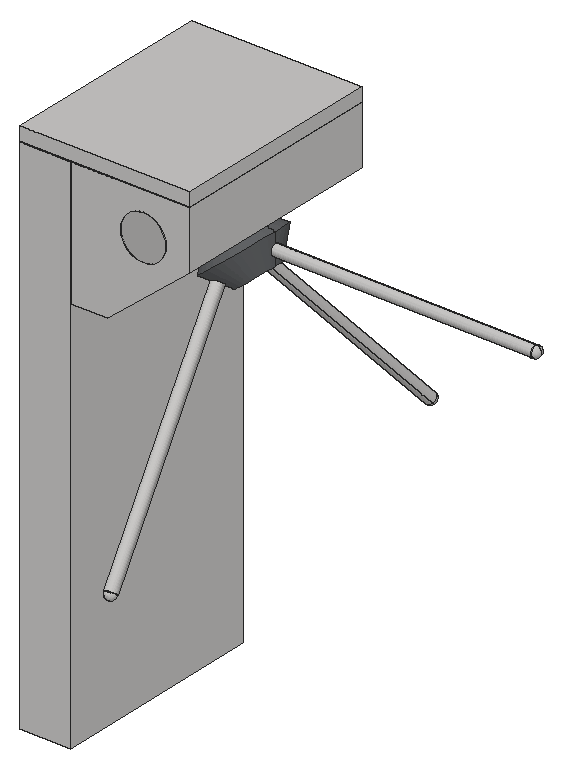
Revit family "CAME_Турникет_Трипод_STILE_110", category Специальное оборудование, Revit 2019
Family settings
  Размер круглого соединителя = Использовать диаметр
  Тип детали = Нормальный
  На основе рабочей плоскости = Нет
  Всегда вертикально = Да
  При загрузке вырезать с полостями = Нет
  Общий = Нет
  Точка расчета площади = Нет
Parameters
  Описание = "Турникет-трипод электромеханический. Корпус и преграды из нержавеющей стали AISI 304. Оснащен платой управления и светодиодными указателями прохода. Стандартные преграждающие планки с гидравлической доводкой и автоматической разблокировкой при отключении электроэнергии. Встроенный блок питания."
  Минимальная ширина проема = 790 mm  # constant formula
  Изготовитель = "CAME"  # constant formula
  Группа модели = "Турникеты"
  Watermark [instance] = "Модели защищены уникальным кодом"
  URL = "https://camerussia.com"
  CAME_Тип механизма турникета = "электромеханический"  # constant formula
  CAME_Напряжение электропитания двигателя (В) = 24 V  # constant formula
  CAME_Максимальное количество проходов в минуту = "48"  # constant formula
  CAME_Класс защиты (IP) = "54"  # constant formula
  CAME_Интенсивность использования (%) = "ИНТЕНСИВНОЕ"  # constant formula
  CAME_Диапазон рабочих температур (°C) = "-20 ÷ +68"  # constant formula
  BL_Разработано = "support@bimlib.pro"  # constant formula
  BL_Email = "cru.info@came.com"  # constant formula
  BL_BIM library = "https://bimlib.pro/manufacturer/came/cf0b6efe-31e5-4ffa-b7ea-1d6fa84041d4/?tab=products"
  ADSK_Размер_Ширина = 770 mm  # constant formula
  ADSK_Размер_Глубина = 380 mm  # constant formula
  ADSK_Размер_Высота = 955 mm  # constant formula
  ADSK_Полная мощность = ADSK_Номинальная мощность / ADSK_Коэффициент мощности  # 12.5 VA
  ADSK_Обозначение = "ТУ 26.30.50-001-89603926-2021"  # constant formula
  ADSK_Номинальная мощность = 12 W  # constant formula
  ADSK_Напряжение = 230 V  # constant formula
  ADSK_Наименование краткое = "Турникет-трипод STILE 110"  # constant formula
  ADSK_Наименование = "Турникет-трипод электромеханический STILE 110"  # constant formula
  ADSK_Масса_Текст = "33 кг"  # constant formula
  ADSK_Масса = 33  # constant formula
  ADSK_Марка = "АРТ:001PSMM110E-01"  # constant formula
  ADSK_Коэффициент мощности = 0.96
  ADSK_Количество фаз = 1  # constant formula
  ADSK_Количество = 1  # constant formula
  ADSK_Код изделия = "Код КСР 26.30.50.119.61.2.07.09"  # constant formula
  ADSK_Классификация нагрузок = Прочее
  ADSK_Завод-изготовитель = "CAME"  # constant formula
  ADSK_Единица измерения = "шт."  # constant formula
  ADSK_Группирование = "STILE"  # constant formula
  ADSK_Версия семейства = "1.0"  # constant formula
  ADSK_Версия Revit = "2019"  # constant formula
  ADSK_URL страницы изделия = "https://camerussia.com/product/001psmm110e-01/"
  ADSK_URL документации изделия = "https://camerussia.com/uploads/support/instructions/files/Инструкция%20STILE-TWISTER-SALOON.pdf"
Reference planes
  plane 1 "По центру (Вперед/Назад)": y = 0
  plane 2: z = 0
  plane 3 "По центру (Влево/Вправо)": x = 0
  plane 4: y = 190
  plane 5: y = -190
  plane 6: z = 955
  plane 7: x = 770
  plane 8: z = 705
  plane 9: x = 300
  plane 10: x = 790
  plane 11: z = 930
  plane 12: x = 155
  plane 13: x = 90
Forms (mm)
  Extrusion 1, solid, material "CAME_Сталь_Нержавеющая_AISI 304", detail levels fine
    sketch origin (0, 0, 0) x (1, 0, 0) y (0, 0, 1)
      loop
        line (90, 705) -> (155, 705) -> (300, 826.669) -> (300, 930) -> (90, 930) -> (90, 705)
    from -190 to 190
  Extrusion 2, solid, material "CAME_Сталь_Нержавеющая_AISI 304", detail levels fine
    sketch origin (-126.098, -1524, 930) x (-1, 0, 0) y (0, -1, 0)
      loop
        line (-126.098, -1714) -> (-126.098, -1334) -> (-426.098, -1334) -> (-426.098, -1714) -> (-126.098, -1714)
    from 1 to 25
  Extrusion 3, solid, material "CAME_Стекло_Закаленное_Черное", detail levels fine
    sketch origin (866.16, -190, 1200) x (1, 0, 0) y (0, 0, 1)
      loop
        circle (-646.16, -345) r 40
    from 0 to 2
  Extrusion 4, solid, material "CAME_Стекло_Закаленное_Черное", detail levels fine
    sketch origin (-872.529, 190, 1200) x (-1, 0, 0) y (0, 0, 1)
      loop
        circle (-1092.529, -345) r 40
    from 0 to 2
  Extrusion 5, solid, material "CAME_Сталь_Нержавеющая_AISI 304", detail levels medium
    sketch origin (0, 0, 0) x (1, 0, 0) y (0, 0, 1)
      loop
        line (90, 705) -> (155, 705) -> (300, 826.669) -> (300, 955) -> (0, 955) -> (0, 0) -> (90, 0) -> (90, 705)
    from -190 to 190
  Extrusion 6, solid, material "CAME_Сталь_Нержавеющая_AISI 304", detail levels fine
    sketch origin (0, 0, 0) x (1, 0, 0) y (0, 1, 0)
      loop
        line (0, 190) -> (0, -190) -> (90, -190) -> (90, 190) -> (0, 190)
    from 0 to 930
Lines and regions (mm)
  model lines, style "CAME", detail levels coarse
    curve 1: line (0, 190, 0) -> (300, 190, 0)
    curve 2: line (0, -190, 0) -> (0, 190, 0)
    curve 3: line (300, -190, 0) -> (0, -190, 0)
    curve 4: line (300, 190, 0) -> (300, -190, 0)
    curve 5: line (300, 0, 0) -> (770, 0, 0)
    curve 6: line (300, 0, 0) -> (360.777, 344.683, 0)
    curve 7: line (300, 0, 0) -> (360.777, -344.683, 0)
    curve 8: line (90, 190, 0) -> (90, -190, 0)
Dimensions and locks
  equal spacing: plane 5, plane 1 "По центру (Вперед/Назад)", plane 4
  "ADSK_Размер_Глубина": plane 5 to plane 4
  "ADSK_Размер_Высота": plane 6 to plane 2
  locked: plane 6 to plane 8 at 250
  "ADSK_Размер_Ширина": plane 3 "По центру (Влево/Вправо)" to plane 7
  "Минимальная ширина проема": plane 3 "По центру (Влево/Вправо)" to plane 10
  locked: plane 3 "По центру (Влево/Вправо)" to plane 9 at 300
  locked: plane 6 to plane 11 at 25
  locked: plane 12 to plane 9 at 145
  locked: plane 6 to Extrusion 3 sketch curve at 100
  locked: plane 9 to Extrusion 3 sketch curve at 80
  locked: plane 13 to plane 3 "По центру (Влево/Вправо)" at 90
  locked: plane 8 to Extrusion 1 sketch curve (angle 40.00°)
  aligned and locked: level to plane 2
  aligned and locked: plane 9 to Extrusion 1 sketch curve
  aligned and locked: Extrusion 1 sketch curve to plane 8
  aligned and locked: plane 12 to Extrusion 1 sketch curve
  aligned and locked: plane 11 to Extrusion 1 sketch curve
  aligned and locked: plane 4 to Extrusion 1
  aligned and locked: plane 5 to Extrusion 1
  aligned and locked: Extrusion 2 sketch curve to Extrusion 1  (x3)
  aligned and locked: plane 6 to Extrusion 2
  aligned and locked: Extrusion 4 sketch curve to Extrusion 3  (x2)
  aligned and locked: Extrusion 1 to Extrusion 5 sketch curve
  aligned and locked: Extrusion 5 sketch curve to Extrusion 1  (x2)
  aligned and locked: plane 4 to Extrusion 5
  aligned and locked: plane 5 to Extrusion 5
  aligned and locked: nested 1 to plane 1 "По центру (Вперед/Назад)"
  aligned and locked: plane 13 to Extrusion 6 sketch curve
  aligned and locked: Extrusion 6 sketch curve to plane 4
  aligned and locked: plane 3 "По центру (Влево/Вправо)" to Extrusion 6 sketch curve
  aligned and locked: Extrusion 6 sketch curve to plane 5
  aligned and locked: plane 11 to Extrusion 6
  aligned and locked: Extrusion 6 to level
  aligned and locked: plane 13 to Extrusion 1 sketch curve
  aligned and locked: plane 6 to Extrusion 5 sketch curve
  aligned and locked: plane 3 "По центру (Влево/Вправо)" to Extrusion 5 sketch curve
  aligned and locked: plane 2 to Extrusion 5 sketch curve
  aligned and locked: plane 13 to Extrusion 5 sketch curve
  aligned and locked: Extrusion 2 to plane 3 "По центру (Влево/Вправо)"
Automatic sketch dimensions
  plane 13 to Extrusion 2 sketch curve = 90 mm
  curve 8 to plane 4 = 0 mm
  curve 2 to plane 3 "По центру (Влево/Вправо)" = 0 mm
  curve 3 to plane 9 = 0 mm
  plane 1 "По центру (Вперед/Назад)" to curve 5 = 0 mm
  curve 5 to plane 7 = 0 mm
  plane 1 "По центру (Вперед/Назад)" to curve 6 = 0 mm
  plane 9 to curve 6 = 60.777 mm
  plane 4 to curve 6 = 154.683 mm
  plane 1 "По центру (Вперед/Назад)" to curve 7 = 0 mm
  plane 9 to curve 7 = 60.777 mm
  plane 5 to curve 7 = 154.683 mm
  curve 8 to plane 13 = 0 mm
  plane 5 to curve 8 = 0 mm
  radius of Extrusion 3 sketch curve = 40 mm
Nested families
  nested 1: "CAME_Трипод" at (235.013, 0, 772.139) x (0.766, 0, 0.6428) z (0.6428, 0, -0.766), type "CAME_Трипод"
Connectors
  electrical at (45, 0, 0), driven by "ADSK_Количество фаз", driven by "ADSK_Напряжение", driven by "ADSK_Полная мощность", driven by "ADSK_Коэффициент мощности"
    settings: on Extrusion 5, index 1, voltage 230 V, apparent load 0 VA, apparent load phase1 12.5 VA, apparent load phase2 0 VA, apparent load phase3 0 VA, power factor 0.96, load classification "Прочее", number of poles 1, system type 31, power factor state 1, is connector primary yes, connector utility no, sub classification motor no, connector description ""
Definition of nested family "CAME_Трипод"
  Parameters (values of type "CAME_Трипод")
    Default Elevation = 1219.2 mm
    Материал крепления = none
    ADSK_Материал = none
  Reference planes
    plane 1 "По центру (Вперед/Назад)": y = 0
    plane 2: z = 0
    plane 3 "По центру (Влево/Вправо)": x = 0
    plane 4: z = 35
    plane 5 "A": through (0, 0, 1200) normal (-0.866, -0.5, 0)
    plane 6 "B": through (0, 0, 1200) normal (0.866, -0.5, 0)
  Forms (mm)
    Revolve 1, solid, material <- "ADSK_Материал", detail levels medium+fine
      sketch origin (0, 0, 0) x (1, 0, 0) y (0, 0, 1)
        loop
          line (62.5, 0) -> (73.667, 13.309) -> (38.314, 55.441) -> (0, 55.441) -> (0, 0) -> (62.5, 0)
        axis (0, 0) -> (0, 55.441)
      angle from 0 to 360
    Revolve 2, solid, material <- "ADSK_Материал", detail levels medium+fine
      sketch origin (0, 0, 0) x (1, 0, 0) y (0, 0, 1)
        loop
          line (47.835, 28.597) -> (54.238, 20.965) -> (414.279, 323.075) -> (407.876, 330.707) -> (47.835, 28.597)
        axis (47.835, 28.597) -> (407.876, 330.707)
      angle from 0 to 360
    Revolve 3, solid, material <- "ADSK_Материал", detail levels medium+fine
      sketch origin (0, 0, 1200) x (0.5, -0.866025, 0) y (0, 0, 1)
        loop
          line (-47.84, -1171.428) -> (-407.21, -869.88) -> (-414.308, -876.978) -> (-54.267, -1179.088) -> (-47.84, -1171.428)
        axis (-47.84, -1171.428) -> (-407.88, -869.318)
      angle from 0 to 360
    Revolve 4, solid, material <- "ADSK_Материал", detail levels medium+fine
      sketch origin (0, 0, 1200) x (0.5, 0.866025, 0) y (0, 0, 1)
        loop
          line (-40.179, -1177.856) -> (-407.21, -869.88) -> (-414.308, -876.978) -> (-46.607, -1185.516) -> (-40.179, -1177.856)
        axis (-40.179, -1177.856) -> (-407.88, -869.318)
      angle from 0 to 360
    Revolve 5, solid, material <- "ADSK_Материал", detail levels fine
      sketch origin (-27.75, -48.064, 35) x (-0.383022, -0.663414, 0.642788) y (-0.321394, -0.55667, -0.766044)
        loop
          line (460, 0) -> (470, 0)
          arc (470, 0) -> (467.071, 7.071) -> (460, 10) r 10
          line (460, 10) -> (460, 0)
        axis (460, 0) -> (470, 0)
      angle from 0 to 360
    Revolve 6, solid, material <- "ADSK_Материал", detail levels fine
      sketch origin (55.466, 0, 35) x (0.766044, 0, 0.642788) y (-0.642788, 0, 0.766044)
        loop
          arc (460.038, -9.962) -> (467.082, -7.044) -> (470, 0) r 9.962
          line (470, 0) -> (460.038, 0) -> (460.038, -9.962)
        axis (460.038, 0) -> (470, 0)
      angle from 0 to 360
    Revolve 7, solid, material <- "ADSK_Материал", detail levels fine
      sketch origin (-27.75, 48.064, 35) x (-0.383022, 0.663414, 0.642788) y (-0.321394, 0.55667, -0.766044)
        loop
          line (460, 0) -> (470, 0)
          arc (470, 0) -> (467.071, 7.071) -> (460, 10) r 10
          line (460, 10) -> (460, 0)
        axis (460, 0) -> (470, 0)
      angle from 0 to 360
  Cuts and joins
    joined: Revolve 1, Revolve 2, Revolve 3, Revolve 4
  Lines and regions (mm)
    reference lines
      curve 1: line (38.314, 0, 55.441) -> (73.667, 0, 13.309)
      curve 2: line (55.466, 0, 35) -> (488.281, 0, 398.175)
      curve 3: circle (0, 0, 35) r 55.5 normal (0, 0, 1)
      curve 4: line (-27.75, 48.064, 35) -> (-152.232, 263.674, 243.906)
      curve 5: line (-27.75, -48.064, 35) -> (-219.261, -379.771, 356.394)
  Dimensions and locks
    locked: plane 4 to plane 2 at 35
    locked: plane 1 "По центру (Вперед/Назад)" to plane 5 "A" (angle 120.00°)
    locked: plane 6 "B" to plane 1 "По центру (Вперед/Назад)" (angle 120.00°)
    angle curve 4 to plane 4 = 40.00°
    aligned and locked: level to plane 2
    aligned and locked: plane 3 "По центру (Влево/Вправо)" to Revolve 1 sketch curve
    aligned and locked: Revolve 1 sketch curve to Revolve 1 sketch curve
    aligned and locked: Revolve 2 sketch curve to curve 2
    aligned and locked: Revolve 3 sketch curve to curve 4
    aligned and locked: Revolve 4 sketch curve to curve 5
    aligned and locked: Revolve 5 sketch curve to curve 5
    aligned and locked: cut or joined group of Revolve 1, Revolve 2, Revolve 3, Revolve 4 to Revolve 5 sketch curve
    aligned and locked: curve 5 to Revolve 5 sketch curve
    aligned and locked: Revolve 6 sketch curve to curve 2
    aligned and locked: Revolve 6 sketch curve to cut or joined group of Revolve 1, Revolve 2, Revolve 3, Revolve 4
    aligned and locked: curve 2 to Revolve 6 sketch curve
    aligned and locked: Revolve 7 sketch curve to curve 4
    aligned and locked: curve 4 to Revolve 7 sketch curve
    aligned and locked: cut or joined group of Revolve 1, Revolve 2, Revolve 3, Revolve 4 to Revolve 7 sketch curve
